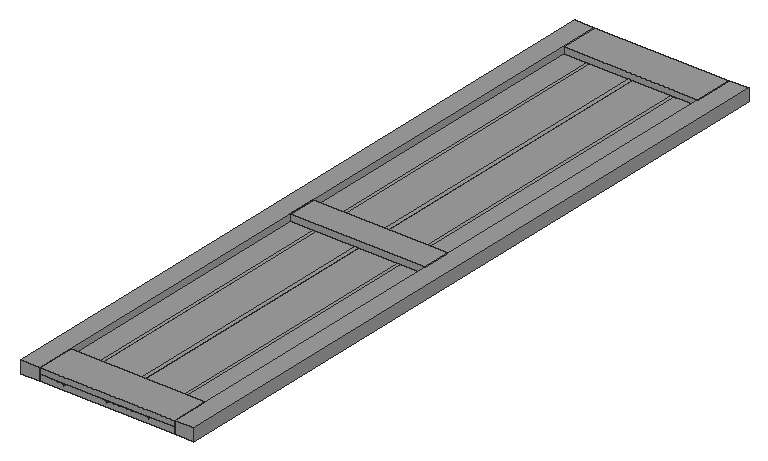
Revit family "Finished Framed B&B", category Generic Models, Revit 2017
Family settings
  Can host rebar = No
  Round Connector Dimension = Use Diameter
  Part Type = Normal
  Work Plane-Based = Yes
  Always vertical = No
  Cut with Voids When Loaded = No
  Shared = No
  Room Calculation Point = No
Parameters
  number of v grooves = 5
  URL = "www.newhorizonshutters.com"
  Type Comments = "**** All dimensions and configurations to be approved by NHSI ****"
  Top Rail = 0' - 4"
  Shutter Thickness = 0' - 1 1/4"
  Shutter Height = 6' - 0"
  Shutter Apperance = Default
  Shutter Width = 1' - 6"
  Model = "Board & Batten"
  Manufacturer = "New Horizon Shutters"
  Default Elevation = 4' - 0"
  Mid Rail = 0' - 3"
  Mid Rail Height = 2' - 10"
  Bottom Rail = 0' - 4"
Reference planes (in)
  plane 1 "Center (Front/Back)": y = 0
  plane 2: z = -0.625
  plane 3 "Center (Left/Right)": x = 0
  plane 4: y = 36
  plane 5: y = -36
  plane 6: x = -9
  plane 7: z = 0
  plane 8: z = -0.625
  plane 9: x = 9
  plane 10: x = -9
  plane 11: x = 9
  plane 12: y = 32
  plane 13: y = -32
  plane 14: z = 0.625
  plane 15: y = -2
  plane 16: y = -0.5
  plane 17: y = -3.5
Forms (in)
  Extrusion 1, solid, material "Default" <- "Shutter Apperance"
    sketch origin (9, 0, -0.625) x (1, 0, 0) y (0, 1, 0)
      loop
        line (0, 36) -> (-2, 36) -> (-2, -36) -> (0, -36) -> (0, 36)
      loop
        line (-18, -36) -> (-16, -36) -> (-16, 36) -> (-18, 36) -> (-18, -36)
    from 0 to 1.25
  Extrusion 2, void
    sketch origin (2, 36, -0.625) x (1, 0, 0) y (0, 0, 1)
      loop
        arc (6.77007, 0.47993) -> (6.8125, 0.46235) -> (6.85493, 0.47993) r 0.06
        line (6.85493, 0.47993) -> (7, 0.625) -> (6.625, 0.625) -> (6.77007, 0.47993)
    from -135.2714 to 156
  Extrusion 3, void
    sketch origin (-15.625, 0, -0.625) x (1, 0, 0) y (0, 0, 1)
      loop
        arc (6.77007, 0.47993) -> (6.8125, 0.46235) -> (6.85493, 0.47993) r 0.06
        line (6.85493, 0.47993) -> (7, 0.625) -> (6.625, 0.625) -> (6.77007, 0.47993)
    from -135.2714 to 156
  Extrusion 4, solid, material "Default" <- "Shutter Apperance"
    sketch origin (0, 0, 0) x (1, 0, 0) y (0, 0, 1)
      loop
        line (-7, 0) -> (-7, -0.625) -> (7, -0.625) -> (7, 0) -> (-7, 0)
    from -36 to 36
  Extrusion 5, void
    sketch origin (-2.40625, 27, -0.625) x (1, 0, 0) y (0, 0, 1)
      loop
        arc (6.77007, 0.47993) -> (6.8125, 0.46235) -> (6.85493, 0.47993) r 0.06
        line (6.85493, 0.47993) -> (7, 0.625) -> (6.625, 0.625) -> (6.77007, 0.47993)
    from -135.2714 to 156
  Extrusion 6, void
    sketch origin (-6.8125, 18, -0.625) x (1, 0, 0) y (0, 0, 1)
      loop
        arc (6.77007, 0.47993) -> (6.8125, 0.46235) -> (6.85493, 0.47993) r 0.06
        line (6.85493, 0.47993) -> (7, 0.625) -> (6.625, 0.625) -> (6.77007, 0.47993)
    from -135.2714 to 156
  Extrusion 7, solid, material "Default" <- "Shutter Apperance"
    sketch origin (0, 0, -0.625) x (1, 0, 0) y (0, 1, 0)
      loop
        line (-7, 36) -> (-7, 32) -> (7, 32) -> (7, 36) -> (-7, 36)
    from 0.625 to 1.25
  Extrusion 8, solid, material "Default" <- "Shutter Apperance"
    sketch origin (0, 0, -0.625) x (1, 0, 0) y (0, 1, 0)
      loop
        line (-7, -36) -> (7, -36) -> (7, -32) -> (-7, -32) -> (-7, -36)
    from 0.625 to 1.25
  Extrusion 9, solid, material "Default" <- "Shutter Apperance"
    sketch origin (0, 0, -0.625) x (1, 0, 0) y (0, 1, 0)
      loop
        line (-7, -0.5) -> (-7, -3.5) -> (7, -3.5) -> (7, -0.5) -> (-7, -0.5)
    from 0.625 to 1.25
  Extrusion 10, void
    sketch origin (-11.21875, 9, -0.625) x (1, 0, 0) y (0, 0, 1)
      loop
        arc (6.77007, 0.47993) -> (6.8125, 0.46235) -> (6.85493, 0.47993) r 0.06
        line (6.85493, 0.47993) -> (7, 0.625) -> (6.625, 0.625) -> (6.77007, 0.47993)
    from -135.2714 to 156
Cuts and joins
  Extrusion 5, Extrusion 6, Extrusion 10 cuts Extrusion 4
  Extrusion 10 cuts Extrusion 7
  Extrusion 10 cuts Extrusion 8
  Extrusion 10 cuts Extrusion 9
Dimensions and locks (in)
  equal spacing: plane 4, plane 1 "Center (Front/Back)", plane 5
  "Shutter Height": plane 4 to plane 5
  locked: Extrusion 1 sketch curve to Extrusion 1 sketch curve at 2
  Extrusion 1 sketch curve to Extrusion 1 sketch curve = 0' - 2"
  equal spacing: group 2, group 5, group 4, group 3, group 1  (x2)
  equal spacing: group 1, group 3, group 4, group 5, group 2
  equal spacing: plane 6, plane 3 "Center (Left/Right)", plane 9
  "Shutter Width": plane 6 to plane 9
  plane 10 to plane 6 = 0' - 0"
  plane 9 to plane 11 = 0' - 0"
  "Bottom Rail": plane 13 to plane 5
  equal spacing: plane 10, plane 3 "Center (Left/Right)", plane 11
  equal spacing: plane 16, plane 15, plane 17
  "Mid Rail Height": plane 15 to plane 5
  "Mid Rail": plane 16 to plane 17
  "Top Rail": plane 4 to plane 12
  equal spacing: plane 14, plane 7, level
  "Shutter Thickness": plane 14 to level
  aligned and locked: plane 2 to level
  aligned and locked: Extrusion 1 sketch curve to plane 6
  aligned and locked: Extrusion 1 to plane 8
  aligned and locked: plane 9 to Extrusion 1
  aligned and locked: plane 4 to Extrusion 1  (x2)
  aligned and locked: plane 11 to Extrusion 2
  aligned and locked: Extrusion 3 to plane 10
  aligned and locked: Extrusion 1 to plane 5  (x2)
  aligned and locked: plane 7 to Extrusion 3  (x2)
  aligned and locked: plane 7 to Extrusion 2
  aligned and locked: plane 14 to Extrusion 1
  aligned and locked: plane 10 to plane 6
  aligned and locked: Extrusion 4 sketch curve to plane 7
  aligned and locked: Extrusion 4 sketch curve to Extrusion 1
  aligned and locked: Extrusion 1 to Extrusion 4 sketch curve
  aligned and locked: Extrusion 4 to plane 5
  aligned and locked: plane 4 to Extrusion 4
  aligned and locked: Extrusion 7 sketch curve to cut or joined group of Extrusion 4, Extrusion 5, Extrusion 6, Extrusion 10
  aligned and locked: Extrusion 1 to Extrusion 7 sketch curve
  aligned and locked: plane 12 to Extrusion 7 sketch curve
  aligned and locked: Extrusion 7 sketch curve to Extrusion 1
  aligned and locked: Extrusion 1 to Extrusion 7
  aligned and locked: Extrusion 7 to plane 7
  aligned and locked: Extrusion 8 sketch curve to cut or joined group of Extrusion 4, Extrusion 5, Extrusion 6, Extrusion 10
  aligned and locked: Extrusion 8 sketch curve to Extrusion 1  (x2)
  aligned and locked: plane 13 to Extrusion 8 sketch curve
  aligned and locked: Extrusion 1 to Extrusion 8
  aligned and locked: Extrusion 8 to plane 7
  aligned and locked: Extrusion 9 sketch curve to plane 16
  aligned and locked: Extrusion 1 to Extrusion 9 sketch curve  (x2)
  aligned and locked: plane 17 to Extrusion 9 sketch curve
  aligned and locked: Extrusion 1 to Extrusion 9
  aligned and locked: Extrusion 9 to plane 7
Automatic sketch dimensions
  Extrusion 2 sketch curve to Extrusion 2 sketch curve = 0' - 0.04243"  (x3)
  Extrusion 2 sketch curve to Extrusion 2 sketch curve = 0' - 0.14507"  (x3)
  Extrusion 3 sketch curve to Extrusion 3 sketch curve = 0' - 0.04243"  (x3)
  Extrusion 3 sketch curve to Extrusion 3 sketch curve = 0' - 0.14507"  (x3)
  Extrusion 1 sketch curve to plane 4 = 0' - 0"  (x2)
  Extrusion 1 sketch curve to plane 5 = 0' - 0"  (x2)
  Extrusion 1 sketch curve to plane 9 = 0' - 0"
  Extrusion 4 sketch curve to level = 0' - 0"
  Extrusion 5 sketch curve to Extrusion 5 sketch curve = 0' - 0.04243"  (x3)
  Extrusion 5 sketch curve to Extrusion 5 sketch curve = 0' - 0.14507"  (x3)
  Extrusion 6 sketch curve to Extrusion 6 sketch curve = 0' - 0.04243"  (x3)
  Extrusion 6 sketch curve to Extrusion 6 sketch curve = 0' - 0.14507"  (x3)
  Extrusion 10 sketch curve to Extrusion 10 sketch curve = 0' - 0.04243"  (x3)
  Extrusion 10 sketch curve to Extrusion 10 sketch curve = 0' - 0.14507"  (x3)
